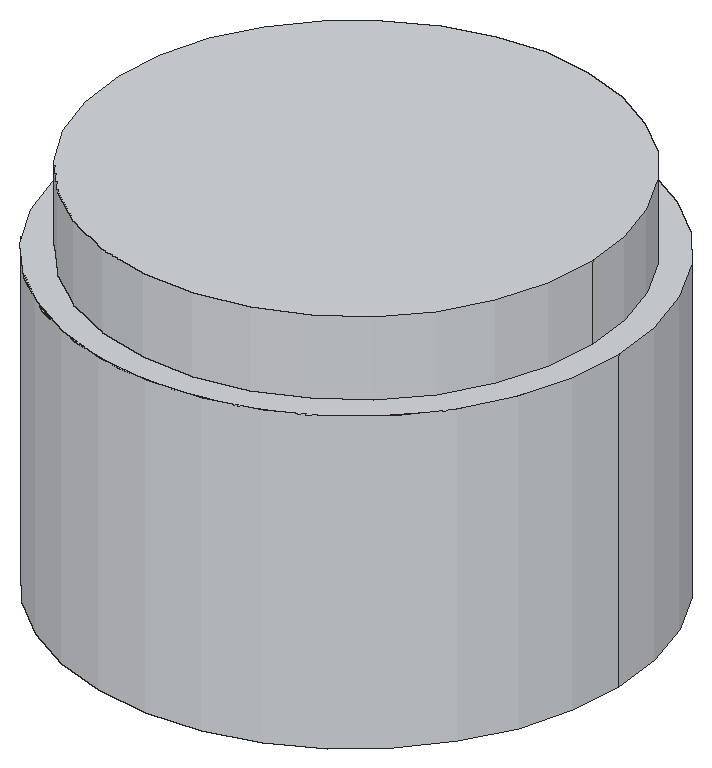
Revit family "cc9673821ea34e5fbe541959ff474b98", category Lighting Devices, Revit 2021
Family settings
  Maintain Annotation Orientation = Yes
  Round Connector Dimension = Use Diameter
  Part Type = Switch
  OmniClass Number = 23.85.80.11.27
  OmniClass Title = Lighting Controls
  Seek Item ID = Photocell-0000-USA-ENU
  Work Plane-Based = No
  Always vertical = Yes
  Cut with Voids When Loaded = No
  Shared = No
  Room Calculation Point = No
Parameters (values of type "Standard")
  Voltage = 120 V
  Radius 1 = Diameter * 0.45  # 0' - 1.35"
  Radius = Diameter * 0.5  # 0' - 1 1/2"
  Number of Poles = 1
  Material = none
  Load Classification = Other
  Length 1 = Height * 0.8  # 0' - 1.7"
  Label = "PC"
  Height = 0' - 2 1/8"
  Diameter = 0' - 3"
  Default Elevation = 0' - 0"
  Apparent Load = 0 VA
Reference planes (in)
  plane 1 "Center (Front/Back)": y = 0
  plane 2: z = 0
  plane 3 "Center (Left/Right)": x = 0
  plane 4: z = 2.125
  plane 5: z = 1.7
Forms (in)
  Extrusion 1, solid, material <- "Material"
    sketch origin (0, 0, 0) x (1, 0, 0) y (0, 1, 0)
      loop
        circle (0, 0) r 1.5
    from 0 to 1.7
  Extrusion 2, solid, material <- "Material"
    sketch origin (0, 0, 0) x (1, 0, 0) y (0, 1, 0)
      loop
        circle (0, 0) r 1.35
    from 1.7 to 2.125
Cuts and joins
  joined: Extrusion 1, Extrusion 2
Lines and regions (in)
  symbolic lines, detail levels fine
    curve 1: arc (1.35, 0, 0) -> (0, 1.35, 0) -> (-1.35, 0, 0) r 1.35
    curve 2: arc (-1.35, 0, 0) -> (0, -1.35, 0) -> (1.35, 0, 0) r 1.35
    curve 3: arc (-1.5, 0, 0) -> (0, -1.5, 0) -> (1.5, 0, 0) r 1.5
    curve 4: arc (1.5, 0, 0) -> (0, 1.5, 0) -> (-1.5, 0, 0) r 1.5
Dimensions and locks (in)
  "Height": plane 4 to plane 2
  "Length 1": plane 5 to plane 2
  "Radius": radius of Extrusion 1 sketch curve
  "Radius 1": radius of Extrusion 2 sketch curve
  aligned and locked: plane 1 "Center (Front/Back)" to Extrusion 1 sketch curve
  aligned and locked: plane 3 "Center (Left/Right)" to Extrusion 1 sketch curve
  aligned and locked: plane 1 "Center (Front/Back)" to Extrusion 2 sketch curve
  aligned and locked: plane 3 "Center (Left/Right)" to Extrusion 2 sketch curve
  aligned and locked: plane 5 to Extrusion 1
  aligned and locked: Extrusion 1 to plane 2
  aligned and locked: Extrusion 2 to plane 5
  aligned and locked: plane 4 to Extrusion 2
  aligned and locked: curve 1 to Extrusion 2
  aligned and locked: curve 2 to Extrusion 2
  aligned and locked: curve 3 to Extrusion 1
  aligned and locked: curve 4 to Extrusion 1
  aligned and locked: plane 1 "Center (Front/Back)" to nested 1
  aligned and locked: plane 3 "Center (Left/Right)" to nested 1
Nested families (in)
  nested 1: "Photocell Annotaion" at (0, 0, 0), type "Photocell Annotation", detail levels coarse+medium
Connectors (in)
  electrical at (0, 0, 0), driven by "Voltage", driven by "Number of Poles", driven by "Apparent Load", driven by "Load Classification"
    settings: on Extrusion 1, index 1, voltage 120 V, apparent load 0 VA, apparent load phase1 0 VA, apparent load phase2 0 VA, apparent load phase3 0 VA, power factor 1, load classification "Other", number of poles 1, system type 31, power factor state 1, is connector primary yes, connector utility no, sub classification motor no, connector description ""
Definition of nested family "Photocell Annotaion"
  Parameters
    Label Annotation = "PC"
  Reference planes (in)
    plane 1: y = 0
    plane 2: x = 0
  Lines and regions (in)
    reference lines
      curve 1: line (-0.08594, 0.2277, 0) -> (-0.08594, -0.28638, 0)
      curve 2: line (0.08594, 0.29601, 0) -> (0.08594, -0.28638, 0)
      curve 3: line (-0.2699, 0.09375, 0) -> (0.35142, 0.09375, 0)
      curve 4: line (-0.37147, -0.09375, 0) -> (0.37853, -0.09375, 0)
    detail lines
      curve 5: line (-0.08594, 0.09375, 0) -> (0.08594, 0.09375, 0)
      curve 6: line (-0.08594, -0.09375, 0) -> (-0.08594, 0.09375, 0)
      curve 7: line (0.08594, -0.09375, 0) -> (-0.08594, -0.09375, 0)
      curve 8: line (0.08594, 0.09375, 0) -> (0.08594, -0.09375, 0)
  Text (in)
    label "PC" at (-0.09104, -0.01066, 0), shows "Label Annotation"
  Dimensions and locks (in)
    locked: curve 1 to plane 2 at 0.08594
    locked: plane 2 to curve 2 at 0.08594
    equal spacing: curve 4, plane 1, curve 3
    curve 4 to curve 3 = 0' - 0 3/16"
    aligned and locked: curve 3 to curve 5
    aligned and locked: curve 6 to curve 1
    aligned and locked: curve 7 to curve 4
    aligned and locked: curve 2 to curve 8
